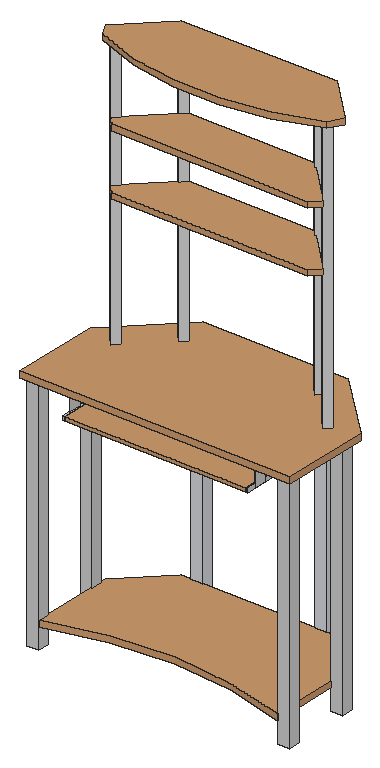
Revit family
Parameters
  Width = 1' - 7 11/16"
  Top Shelf Height = 4' - 11"
  Mid Shelf Height = 4' - 3"
  Length = 2' - 11 3/8"
  Height = 5' - 8 5/8"
  Desktop Surface Height = 2' - 8 1/4"
  Bottom Shelf Height = 0' - 3 1/2"
Reference planes (in)
  plane 1 "Back": y = 0
  plane 2: z = 0
  plane 3 "Center Left/Right": x = 0
  plane 4 "Front": y = -19.6875
  plane 5 "Left": x = -17.6875
  plane 6 "Right": x = 17.6875
  plane 7 "Top": z = 68.625
  plane 8 "Bottom Shelf": z = 3.5
  plane 9 "Desktop Surface": z = 32.25
  plane 10 "Mid Shelf": z = 51
  plane 11 "Top Shelf": z = 59
  plane 12 "Beginning of Angled Surface": y = -8.1875
  plane 13: through (-21.00468, -15.27778, 48) normal (-0.7071, 0.7071, 0)
  plane 14: through (20.44292, -14.72398, 48) normal (-0.7071, -0.7071, 0)
  plane 15: through (-20.29757, -15.98489, 48) normal (-0.7071, 0.7071, 0)
  plane 16: through (19.73581, -15.43109, 48) normal (-0.7071, -0.7071, 0)
  plane 17: y = -3.1875
  plane 18: y = -4.1875
  plane 19 "Keyboard Tray": z = 28.5
Forms (in)
  Extrusion 1, solid, material "Panels"
    sketch origin (0, 0, 32.25) x (0, -1, 0) y (1, 0, 0)
      loop
        line (19.6875, -17.6875) -> (19.6875, 17.6875) -> (8.1875, 17.6875) -> (0, 9.5) -> (0, -9.5) -> (8.1875, -17.6875) -> (19.6875, -17.6875)
    from 0 to -0.75
  Extrusion 2, solid, material "Posts"
    sketch origin (0, 0, 32.25) x (0, -1, 0) y (1, 0, 0)
      loop
        line (19.18022, -17.18217) -> (19.18022, -15.68217) -> (17.68022, -15.68217) -> (17.68022, -17.18217) -> (19.18022, -17.18217)
      loop
        line (19.18022, 17.1742) -> (17.68022, 17.1742) -> (17.68022, 15.6742) -> (19.18022, 15.6742) -> (19.18022, 17.1742)
      loop
        line (8.9347, 17.1742) -> (8.9347, 15.6742) -> (10.4347, 15.6742) -> (10.4347, 17.1742) -> (8.9347, 17.1742)
      loop
        line (8.9347, -17.18217) -> (10.4347, -17.18217) -> (10.4347, -15.68217) -> (8.9347, -15.68217) -> (8.9347, -17.18217)
    from -0.75 to -32.25
  Extrusion 3, solid, material "Panels"
    sketch origin (0, 0, 3.5) x (0, -1, 0) y (1, 0, 0)
      loop
        arc (19.18022, -15.68217) -> (16.54755, -0.00398) -> (19.18022, 15.6742) r 48
        line (19.18022, 15.6742) -> (8.1875, 15.6742) -> (2.6875, 10.1742) -> (2.6875, -10.18217) -> (8.1875, -15.68217) -> (19.18022, -15.68217)
    from 0 to -0.75
  Extrusion 4, solid
    sketch origin (0, 0, 3.5) x (0, -1, 0) y (1, 0, 0)
      loop
        line (2.6875, -8.8759) -> (2.6875, -7.3759) -> (1.1875, -7.3759) -> (1.1875, -8.8759) -> (2.6875, -8.8759)
      loop
        line (2.6875, 8.8759) -> (1.1875, 8.8759) -> (1.1875, 7.3759) -> (2.6875, 7.3759) -> (2.6875, 8.8759)
    from -3.5 to 28
  Extrusion 5, solid, material "Posts"
    sketch origin (0, 0, 32.25) x (0, -1, 0) y (1, 0, 0)
      loop
        line (8.1875, -13.9144) -> (8.89461, -14.62151) -> (9.60171, -13.9144) -> (8.89461, -13.20729) -> (8.1875, -13.9144)
      loop
        line (8.1875, 13.90643) -> (8.89461, 13.19933) -> (9.60171, 13.90643) -> (8.89461, 14.61354) -> (8.1875, 13.90643)
      loop
        line (3.1875, 8.90643) -> (3.89461, 8.19933) -> (4.60171, 8.90643) -> (3.89461, 9.61354) -> (3.1875, 8.90643)
      loop
        line (3.1875, -8.9144) -> (3.89461, -9.62151) -> (4.60171, -8.9144) -> (3.89461, -8.20729) -> (3.1875, -8.9144)
    from 0 to 35.625
  Extrusion 6, solid, material "Panels"
    sketch origin (0, 0, 68.625) x (0, -1, 0) y (1, 0, 0)
      loop
        line (2.6875, -10.18217) -> (8.1875, -15.68217) -> (9.91955, -14.68217)
        arc (9.91955, -14.68217) -> (13.04782, -0.00398) -> (9.91955, 14.6742) r 36
        line (9.91955, 14.6742) -> (8.1875, 15.6742) -> (2.6875, 10.1742) -> (2.6875, -10.18217)
    from 0 to -0.75
  Extrusion 7, solid, material "Panels"
    sketch origin (0, 0, 51) x (0, -1, 0) y (1, 0, 0)
      loop
        line (3.9898, -8.30248) -> (9.65666, -13.96934) -> (10.7398, -12.8862) -> (10.7398, 12.87824) -> (9.65666, 13.96138) -> (3.9898, 8.29452) -> (3.9898, -8.30248)
    from 0 to -0.75
  Extrusion 8, solid, material "Panels"
    sketch origin (0, 0, 59) x (0, -1, 0) y (1, 0, 0)
      loop
        line (3.9898, -8.30248) -> (9.65666, -13.96934) -> (10.7398, -12.8862) -> (10.7398, 12.87824) -> (9.65666, 13.96138) -> (3.9898, 8.29452) -> (3.9898, -8.30248)
    from 0 to -0.75
  Extrusion 9, solid
    sketch origin (0, 0, 68.625) x (0, -1, 0) y (1, 0, 0)
      loop
        line (3.89461, -9.62151) -> (8.1875, -13.9144) -> (8.89461, -13.20729) -> (4.60171, -8.9144) -> (3.89461, -9.62151)
      loop
        line (3.89461, 9.61354) -> (4.60171, 8.90643) -> (8.89461, 13.19933) -> (8.1875, 13.90643) -> (3.89461, 9.61354)
    from -0.75 to -1.75
  Extrusion 10, solid, material "Panels"
    sketch origin (0, 0, 28.5) x (0, -1, 0) y (1, 0, 0)
      loop
        line (19.6875, -11.8744) -> (19.6875, 11.8744) -> (9.9375, 11.8744) -> (9.9375, -11.8744) -> (19.6875, -11.8744)
    from 0 to 0.5
  Extrusion 11, solid, material "Drawer Guides"
    sketch origin (0, 0, 28.5) x (0, -1, 0) y (1, 0, 0)
      loop
        line (19.6875, -11.8744) -> (9.9375, -11.8744) -> (9.9375, -12.1244) -> (19.6875, -12.1244) -> (19.6875, -11.8744)
      loop
        line (19.6875, 11.8744) -> (19.6875, 12.1244) -> (9.9375, 12.1244) -> (9.9375, 11.8744) -> (19.6875, 11.8744)
    from 0 to 0.5
  Extrusion 12, solid, material "Drawer Guides"
    sketch origin (0, 0, 28.5) x (0, -1, 0) y (1, 0, 0)
      loop
        line (11.03284, -12.1244) -> (11.03284, -12.1869) -> (12.53284, -12.1869) -> (12.53284, -12.1244) -> (11.03284, -12.1244)
      loop
        line (18.44607, -12.1244) -> (16.94607, -12.1244) -> (16.94607, -12.18611) -> (18.44607, -12.18611) -> (18.44607, -12.1244)
      loop
        line (18.44607, 12.1244) -> (18.44607, 12.1869) -> (16.94607, 12.1869) -> (16.94607, 12.1244) -> (18.44607, 12.1244)
      loop
        line (12.53284, 12.1244) -> (12.53284, 12.1869) -> (11.03284, 12.1869) -> (11.03284, 12.1244) -> (12.53284, 12.1244)
    from 0 to 3
Dimensions and locks (in)
  "Length": plane 5 "Left" to plane 6 "Right"
  equal spacing: plane 5 "Left", plane 3 "Center Left/Right", plane 6 "Right"
  "Width": plane 4 "Front" to plane 1 "Back"
  "Height": plane 7 "Top" to level
  "Bottom Shelf Height": plane 8 "Bottom Shelf" to level
  "Desktop Surface Height": plane 9 "Desktop Surface" to level
  "Mid Shelf Height": plane 10 "Mid Shelf" to level
  "Top Shelf Height": plane 11 "Top Shelf" to level
  plane 12 "Beginning of Angled Surface" to plane 4 "Front" = 0' - 11 1/2"
  Extrusion 1 to Extrusion 2 sketch curve = 0' - 0.50728"
  Extrusion 1 to Extrusion 2 sketch curve = 0' - 0.50533"
  Extrusion 2 sketch curve to Extrusion 1 = 0' - 0.5133"
  plane 12 "Beginning of Angled Surface" to Extrusion 2 sketch curve = 0' - 0.7472"
  equal spacing: Extrusion 4, plane 3 "Center Left/Right", Extrusion 4
  Extrusion 3 to plane 13 = 0' - 1 1/4"
  plane 14 to Extrusion 3 = 0' - 1 1/4"
  Extrusion 3 to plane 17 = 0' - 0 1/2"
  plane 9 "Desktop Surface" to plane 19 "Keyboard Tray" = 0' - 3 3/4"
  equal spacing: Extrusion 10 sketch curve, plane 3 "Center Left/Right", Extrusion 10 sketch curve
  locked: Extrusion 1 sketch curve to Extrusion 1 sketch curve (angle 135.00°)  (x4)
  aligned and locked: Extrusion 2 sketch curve to Extrusion 2 sketch curve  (x8)
  aligned and locked: Extrusion 2 to level
  aligned and locked: Extrusion 2 to Extrusion 1
  aligned and locked: Extrusion 2 to Extrusion 3 sketch curve
  aligned and locked: plane 12 "Beginning of Angled Surface" to Extrusion 3 sketch curve
  aligned and locked: Extrusion 3 sketch curve to Extrusion 2  (x2)
  aligned and locked: Extrusion 3 to Extrusion 4 sketch curve
  aligned and locked: Extrusion 4 sketch curve to Extrusion 4 sketch curve
  aligned and locked: Extrusion 4 to Extrusion 1
  aligned and locked: Extrusion 4 to level
  aligned and locked: plane 13 to Extrusion 5 sketch curve  (x2)
  aligned and locked: plane 15 to Extrusion 5 sketch curve  (x2)
  aligned and locked: Extrusion 5 sketch curve to plane 15  (x2)
  aligned and locked: plane 14 to Extrusion 5 sketch curve
  aligned and locked: plane 16 to Extrusion 5 sketch curve  (x2)
  aligned and locked: Extrusion 5 sketch curve to plane 16  (x2)
  aligned and locked: plane 17 to Extrusion 5 sketch curve
  aligned: plane 7 "Top" to Extrusion 5
  aligned and locked: Extrusion 5 to Extrusion 6
  aligned and locked: Extrusion 7 to Extrusion 8  (x2)
  aligned and locked: Extrusion 8 to Extrusion 7
  aligned and locked: Extrusion 5 to Extrusion 9 sketch curve  (x3)
  aligned and locked: Extrusion 9 sketch curve to Extrusion 5  (x5)
  aligned and locked: Extrusion 10 to Extrusion 11 sketch curve  (x2)
  aligned and locked: Extrusion 11 sketch curve to Extrusion 10  (x2)
  aligned and locked: Extrusion 11 to Extrusion 12 sketch curve  (x2)
  aligned and locked: Extrusion 12 sketch curve to Extrusion 12 sketch curve  (x3)
  aligned and locked: Extrusion 12 to Extrusion 1
Automatic sketch dimensions
  plane 1 "Back" to Extrusion 1 sketch curve = 0' - 0"
  Extrusion 1 sketch curve to plane 5 "Left" = 0' - 0"
  Extrusion 1 sketch curve to plane 12 "Beginning of Angled Surface" = 0' - 0"  (x2)
  Extrusion 1 sketch curve to plane 6 "Right" = 0' - 0"
  Extrusion 1 sketch curve to plane 4 "Front" = 0' - 0"
  Extrusion 2 sketch curve to Extrusion 2 sketch curve = 0' - 1 1/2"  (x2)
  plane 4 "Front" to Extrusion 2 sketch curve = 0' - 2.00728"
  Extrusion 2 sketch curve to plane 6 "Right" = 0' - 2.0133"
  Extrusion 3 sketch curve to plane 12 "Beginning of Angled Surface" = 0' - 0"
  Extrusion 3 sketch curve to plane 3 "Center Left/Right" = 0' - 0.00398"
  Extrusion 3 sketch curve to plane 4 "Front" = 3' - 8.86005"
  Extrusion 3 sketch curve to plane 3 "Center Left/Right" = 0' - 10.18217"
  plane 3 "Center Left/Right" to Extrusion 3 sketch curve = 0' - 10.1742"
  plane 1 "Back" to Extrusion 3 sketch curve = 0' - 2 11/16"
  plane 1 "Back" to Extrusion 4 sketch curve = 0' - 1 3/16"
  Extrusion 4 sketch curve to Extrusion 4 sketch curve = 0' - 1 1/2"  (x3)
  plane 5 "Left" to Extrusion 4 sketch curve = 0' - 8.8116"
  plane 3 "Center Left/Right" to Extrusion 4 sketch curve = 0' - 7.3759"
  Extrusion 5 sketch curve to plane 17 = 0' - 0"
  plane 14 to Extrusion 5 sketch curve = 0' - 0"
  Extrusion 5 sketch curve to plane 12 "Beginning of Angled Surface" = 0' - 0"  (x2)
  plane 18 to Extrusion 5 sketch curve = 0' - 0.29289"  (x2)
  Extrusion 5 sketch curve to plane 12 "Beginning of Angled Surface" = 0' - 0.70711"  (x2)
  Extrusion 6 sketch curve to plane 12 "Beginning of Angled Surface" = 0' - 0"  (x2)
  plane 17 to Extrusion 6 sketch curve = 0' - 0 1/2"
  Extrusion 6 sketch curve to plane 3 "Center Left/Right" = 0' - 0.00398"
  Extrusion 6 sketch curve to plane 1 "Back" = 1' - 10.95218"
  Extrusion 6 sketch curve to plane 12 "Beginning of Angled Surface" = 0' - 1.73205"  (x2)
  plane 5 "Left" to Extrusion 6 sketch curve = 0' - 7.50533"
  plane 5 "Left" to Extrusion 6 sketch curve = 0' - 3.00533"
  Extrusion 6 sketch curve to Extrusion 6 sketch curve = 0' - 1"  (x2)
  Extrusion 6 sketch curve to plane 6 "Right" = 0' - 7.5133"
  Extrusion 7 sketch curve to plane 15 = 0' - 0"  (x2)
  plane 16 to Extrusion 7 sketch curve = 0' - 0"  (x2)
  plane 18 to Extrusion 7 sketch curve = 0' - 0.1977"
  Extrusion 7 sketch curve to plane 12 "Beginning of Angled Surface" = 0' - 1.46916"  (x2)
  Extrusion 7 sketch curve to Extrusion 7 sketch curve = 0' - 1.08314"
  plane 18 to Extrusion 8 sketch curve = 0' - 0.1977"
  Extrusion 8 sketch curve to plane 12 "Beginning of Angled Surface" = 0' - 1.46916"  (x2)
  Extrusion 8 sketch curve to Extrusion 8 sketch curve = 0' - 1.08314"  (x2)
  plane 5 "Left" to Extrusion 8 sketch curve = 0' - 3.71816"
  plane 3 "Center Left/Right" to Extrusion 8 sketch curve = 0' - 8.29452"
  Extrusion 8 sketch curve to plane 6 "Right" = 0' - 4.80926"
  Extrusion 10 sketch curve to plane 4 "Front" = 0' - 0"
  Extrusion 10 sketch curve to plane 12 "Beginning of Angled Surface" = 0' - 1 3/4"
  plane 5 "Left" to Extrusion 10 sketch curve = 0' - 5.8131"
  Extrusion 11 sketch curve to plane 12 "Beginning of Angled Surface" = 0' - 1 3/4"  (x2)
  Extrusion 11 sketch curve to Extrusion 11 sketch curve = 0' - 0 1/4"  (x2)
  Extrusion 12 sketch curve to plane 12 "Beginning of Angled Surface" = 0' - 2.84534"  (x2)
  Extrusion 12 sketch curve to Extrusion 12 sketch curve = 0' - 1 1/2"
  plane 4 "Front" to Extrusion 12 sketch curve = 0' - 2.74143"
  plane 4 "Front" to Extrusion 12 sketch curve = 0' - 1.24143"
  plane 5 "Left" to Extrusion 12 sketch curve = 0' - 5.50139"
  Extrusion 12 sketch curve to Extrusion 12 sketch curve = 0' - 0 1/16"  (x3)
  Extrusion 12 sketch curve to Extrusion 12 sketch curve = 0' - 0.06171"
  Extrusion 12 sketch curve to plane 6 "Right" = 0' - 5.5631"
